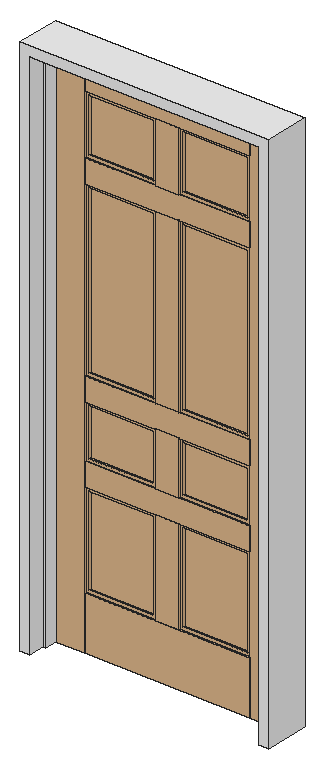
Revit family
Parameters (values of type "1 3/4" Flat Panel")
  URL = "http://www.karonadoor.com"
  Thickness Note = "Do not edit thickness."  # constant formula
  Thickness = 1.774"
  Swing Angle 2D = 90.00°
  SmartBIM Object Version = 1  # constant formula
  SmartBIM Object Created By = "Reed Construction Data"  # constant formula
  Rough Width = 0.000"
  Rough Height = 1.750"
  Panel = Panel_K3080_Karona : 1 3/4" - Flat Panel
  Model = "K3080 Mission"  # constant formula
  Manufacturer = "Karona , Inc."  # constant formula
  Detail Door Thickness = 1.750"
  Assembly Code = ""
  Top Rail Height = 5.000"
  Top Rail = Wood, Cherry - Grain Horizontal
  Stile Width = 5.063"
  Stile = Wood, Cherry - Grain Vertical
  Sticking = Wood, Cherry - Grain Vertical
  Middle Rail = Wood, Cherry - Grain Horizontal
  Height = 84.000"
  Wall Closure = (empty or 0)
  Width = 36.000"
  Frame = Metal
  Bottom Rail Height = 8.500"
  Bottom Rail = Wood, Cherry - Grain Horizontal
  95 CSI = "08210"  # constant formula
  04 CSI = "08 14 33"  # constant formula
Types (9): name | Thickness | Rough Height | Panel | Detail Door Thickness | Height
  1 3/4" Flat Panel | 1.774" | 1.750" | Panel_K3080_Karona : 1 3/4" - Flat Panel | 1.750" | 84.000"
  1 3/8" Flat Panel | 1.334" | 0.000" | Panel_K3080_Karona : 1 3/8" - Flat Panel | 1.375" | 80.000"
  2 1/4" Flat Panel | 2.250" | 0.000" | Panel_K3080_Karona : 2 1/4" - Flat Panel | 2.250" | 80.000"
  1 3/4" Glass Panel | 1.774" | 1.750" | Panel_K3080_Karona : 1 3/4" - Glass Panel | 1.750" | 80.000"
  1 3/8" Glass Panel | 1.334" | 0.000" | Panel_K3080_Karona : 1 3/8" - Glass Panel | 1.375" | 80.000"
  2 1/4" Glass Panel | 2.250" | 0.000" | Panel_K3080_Karona : 2 1/4" - Glass | 2.250" | 80.000"
  1 3/4" Raised Panel | 1.774" | 1.750" | Panel_K3080_Karona : 1 3/4" - Raised Panel | 1.750" | 80.000"
  1 3/8" Raised Panel | 1.334" | 0.000" | Panel_K3080_Karona : 1 3/8" - Raised Panel | 1.375" | 80.000"
  2 1/4" Raised Panel | 2.250" | 0.000" | Panel_K3080_Karona : 2 1/4" - Raised Panel | 2.250" | 80.000"
Reference planes (in)
  plane 1 "Center (Front/Back)": y = 0
  plane 2 "Center (Left/Right)": x = 0
  plane 3 "Left": x = -18
  plane 4 "Right": x = 18
  plane 5 "Top": z = 84
  plane 6 "Exterior Edge of Frame": y = 3.5
  plane 7 "Interior Edge of Frame": y = -3.5
  plane 8: y = 1
  plane 9: y = -1
  plane 10 "Opening Left": x = -19.5
  plane 11 "Opening Right": x = 19.5
  plane 12 "Top of Opening": z = 85.5
  plane 13: x = -17.5
Forms (in)
  Sweep 1, solid, material "Metal" <- "Frame"
    path origin (0, 0, 0) x (1, 0, 0) y (0, 0, 1)
      loop
        line (-19.5, 0) -> (-19.5, 85.5) -> (19.5, 85.5) -> (19.5, 0)
    profile origin (-19.5, 0, 42.75) x (-1, 0, 0) y (0, -1, 0)
      loop
        line (0, -3.5) -> (0, 3.5) -> (-1.5, 3.5) -> (-1.5, 1) -> (-2, 1) -> (-2, -1) -> (-1.5, -1) -> (-1.5, -3.5) -> (0, -3.5)
Lines and regions (in)
  Opening 1
    outline origin (-90, -3, 0) x (1, 0, 0) y (0, 0, 1)
      loop
        line (70.5, 0) -> (109.5, 0) -> (109.5, 85.5) -> (70.5, 85.5) -> (70.5, 0)
  symbolic lines, style "Elevation Swing"
    curve 1: line (18, 3, 0) -> (-18, 3, 42)
    curve 2: line (-18, 3, 42) -> (18, 3, 84)
Text (in)
  text "Exterior" at (-46.13199, 20.20143, 0), in view "Ref. Level"
  text "Interior" at (-46.13199, -10.56751, 0), in view "Ref. Level"
  text "Exterior" at (0, 40.15149, 123.01588), in view "Right"
  text "Interior" at (0, -64.39139, 123.01588), in view "Right"
  text "Interior" at (0, -31.01599, 123.00693), in view "Left"
  text "Exterior" at (0, 54.57065, 123.00693), in view "Left"
Dimensions and locks (in)
  "Height": level to plane 5 "Top"
  "Width": plane 3 "Left" to plane 4 "Right"
  equal spacing: host wall, curve 2, plane 5 "Top"
  locked: host wall to plane 7 "Interior Edge of Frame" at 0.5
  locked: plane 6 "Exterior Edge of Frame" to host wall at 0.5
  locked: plane 9 to plane 7 "Interior Edge of Frame" at 2.5
  locked: plane 6 "Exterior Edge of Frame" to plane 8 at 2.5
  equal spacing: plane 3 "Left", plane 2 "Center (Left/Right)", plane 4 "Right"
  locked: plane 4 "Right" to plane 11 "Opening Right" at 1.5
  locked: plane 5 "Top" to plane 12 "Top of Opening" at 1.5
  locked: plane 3 "Left" to plane 13 at 0.5
  locked: plane 10 "Opening Left" to plane 3 "Left" at 1.5
  aligned and locked: Opening 1 sketch curve to level
  aligned and locked: plane 4 "Right" to curve 1
  aligned and locked: plane 3 "Left" to curve 1
  aligned and locked: plane 5 "Top" to curve 2
  aligned and locked: Opening 1 sketch curve to plane 11 "Opening Right"
  aligned and locked: plane 12 "Top of Opening" to Opening 1 sketch curve
  aligned and locked: Opening 1 sketch curve to plane 10 "Opening Left"
  aligned and locked: plane 10 "Opening Left" to Sweep 1 sketch curve
  aligned and locked: plane 12 "Top of Opening" to Sweep 1 sketch curve
  aligned and locked: plane 11 "Opening Right" to Sweep 1 sketch curve
  aligned and locked: level to Sweep 1 sketch curve  (x2)
  aligned and locked: Sweep 1 sketch curve to plane 10 "Opening Left"
  aligned and locked: Sweep 1 sketch curve to plane 6 "Exterior Edge of Frame"
  aligned and locked: Sweep 1 sketch curve to plane 7 "Interior Edge of Frame"
  aligned and locked: Sweep 1 sketch curve to plane 8
  aligned and locked: Sweep 1 sketch curve to plane 9
  aligned and locked: plane 13 to Sweep 1 sketch curve
  aligned and locked: plane 3 "Left" to Sweep 1 sketch curve  (x2)
  aligned and locked: nested 1 to plane 2 "Center (Left/Right)"
  aligned and locked: nested 1 to plane 8
  aligned and locked: nested 2 to plane 3 "Left"
  aligned and locked: nested 2 to plane 8
Automatic sketch dimensions
  curve 1 to level = 0.000"
  curve 2 to plane 4 "Right" = 0.000"
Nested families (in)
  nested 1: "Panel_K3080_Karona" at (-13.5, 0.6575, 0) x (-1, 0, 0) z (0, 0, 1), type <- "Panel", type "1 3/4" - Flat Panel"
  nested 2: "Door Panel Plan View" at (-31.5, 1, 0) x (-1, 0, 0) z (0, 0, 1), type "Door Panel Plan View"
    with Thickness 1.750", Height 84.000"
Definition of nested family "Panel_K3080_Karona"
  Parameters (values of type "1 3/4" - Raised Panel")
    Width = 36.000"
    Upper Middle Panel Height = Height - (3 * Mullion Width + Top Rail Height + Top Panel Height + Lower Middle Panel + Panel Height + Bottom Rail Height)  # 27.000"
    Top Rail Material = Wood, Cherry - Grain Horizontal
    Top Rail Height = 5.000"
    Top Panel Offset = Top Rail Height + Half Panel Height  # 12.4375"
    Top Panel Height = 9.375"  # constant formula
    Thickness Note = "Do not change door thickness"  # constant formula
    Thickness = 1.774"
    Stile Width = 5.063"
    Stile Material = Wood, Cherry - Grain Vertical
    Sticking Material = Wood, Cherry - Grain Vertical
    Panel Width = (Width - (2 * Stile Width) - (1 * Mullion Width)) / 2  # 11.1245"
    Panel Height = Lock Rail Height - (Mullion Width + Bottom Rail Height)  # 14.875"
    Panel = Glass-Sticking-Assembly-Mission_Karona : Raised Panel
    Mullion Width = 3.625"  # constant formula
    Middle Panel Height = Height - (2 * Panel Height + Top Rail Height + Bottom Rail Height + Mullion Width + Mullion Width)  # 33.500"
    Lower Middle Panel = 8.375"  # constant formula
    Lock Rail Height = 27.000"
    Interior Panel = Wood, Cherry - Grain Vertical
    Height = 84.000"
    Half Panel Width = 0.5 * Panel Width  # 5.56225"
    Half Panel Height = 0.5 * Panel Height  # 7.4375"
    Exterior Edge - Glass Bottom Offset = if(Thickness = 1.774", 0.567", if(Thickness = 2.250", 0.803", 0.469"))  # 0.567"
    Door Panel Material = Wood, Cherry - Grain Vertical
    Default Elevation = 0.000"  # constant formula
    Cross Rail and Panel Spacing Start = Half Panel Height + 0.5 * (3.625")  # 9.250"
    Cross Rail Panel Height = Panel Height + 3.625"  # 18.500"
    Bottom Rail Material = Wood, Cherry - Grain Horizontal
    Bottom Rail Height = 8.500"
    Assembly Code = ""
  Types (9): name | Thickness | Panel | Interior Panel | Exterior Edge - Glass Bottom Offset
    2 1/4" - Flat Panel | 2.250" | Glass-Sticking-Assembly-Mission_Karona : Flat Panel | Wood, Cherry - Grain Vertical | 0.803"
    2 1/4" - Glass | 2.250" | Glass-Sticking-Assembly-Mission_Karona : Glass Panel | Glass | 0.803"
    2 1/4" - Raised Panel | 2.250" | Glass-Sticking-Assembly-Mission_Karona : Raised Panel | Wood, Cherry - Grain Vertical | 0.803"
    1 3/4" - Raised Panel | 1.774" | Glass-Sticking-Assembly-Mission_Karona : Raised Panel | Wood, Cherry - Grain Vertical | 0.567"
    1 3/4" - Flat Panel | 1.774" | Glass-Sticking-Assembly-Mission_Karona : Flat Panel | Wood, Cherry - Grain Vertical | 0.567"
    1 3/4" - Glass Panel | 1.774" | Glass-Sticking-Assembly-Mission_Karona : Glass Panel | Glass | 0.567"
    1 3/8" - Raised Panel | 1.334" | Glass-Sticking-Assembly-Mission_Karona : Raised Panel | Wood, Cherry - Grain Vertical | 0.469"
    1 3/8" - Glass Panel | 1.334" | Glass-Sticking-Assembly-Mission_Karona : Glass Panel | Glass | 0.469"
    1 3/8" - Flat Panel | 1.334" | Glass-Sticking-Assembly-Mission_Karona : Flat Panel | Wood, Cherry - Grain Horizontal | 0.469"
  Reference planes (in)
    plane 1 "Center (Front/Back)": y = 1.2295
    plane 2: z = 0
    plane 3 "Center (Left/Right)": x = -13.5
    plane 4 "Left": x = -31.5
    plane 5: x = 4.5
    plane 6 "Inner Left": x = -26.437
    plane 7 "Inner Right": x = -0.563
    plane 8: z = 8.5
    plane 9 "Bottom Of Top Rail": z = 79
    plane 10 "Top": z = 84
    plane 11 "Interior Edge of Door": y = 2.1165
    plane 12: z = 79
    plane 13 "Exterior Edge of Door": y = 0.3425
    plane 14 "Bottom of Glass": y = 0.9095
    plane 15 "Left Panel Vertical Midline": x = -20.87475
    plane 16 "Right Panel Vertical Midline": x = -6.12525
    plane 17 "Center of Left Vertical Mullion": x = -17.18738
    plane 18 "Center of Right Vertical Mullion": x = -9.81263
    plane 19: z = 69.625
    plane 20: z = 23.375
    plane 21: z = 66
    plane 22: z = 74.3125
    plane 23: z = 15.9375
    plane 24: z = 27
    plane 25: z = 39
    plane 26: z = 35.375
    plane 27: z = 37.1875
    plane 28: z = 52.5
    plane 29: x = -15.3125
    plane 30: x = -8.64583
    plane 31: x = -11.6875
  Forms (in)
    Extrusion 1, solid, material "Wood, Cherry - Grain Horizontal" <- "Bottom Rail Material"
      sketch origin (0, -101.3125, 0) x (1, 0, 0) y (0, 0, 1)
        loop
          line (-26.437, 0) -> (-0.563, 0) -> (-0.563, 8.5) -> (-26.437, 8.5) -> (-26.437, 0)
      from -103.429 to -101.655
    Extrusion 2, solid, material "Wood, Cherry - Grain Vertical" <- "Stile Material"
      sketch origin (0, 1.2295, 0) x (1, 0, 0) y (0, 0, 1)
        loop
          line (-31.5, 84) -> (-31.5, 0) -> (-26.437, 0) -> (-26.437, 84) -> (-31.5, 84)
        loop
          line (-0.563, 0) -> (4.5, 0) -> (4.5, 84) -> (-0.563, 84) -> (-0.563, 0)
      from -0.887 to 0.887
    Extrusion 3, solid, material "Wood, Cherry - Grain Horizontal" <- "Top Rail Material"
      sketch origin (0, 1.2295, 0) x (1, 0, 0) y (0, 0, 1)
        loop
          line (-26.437, 84) -> (-26.437, 79) -> (-0.563, 79) -> (-0.563, 84) -> (-26.437, 84)
      from -0.887 to 0.887
    Extrusion 4, solid, material "Wood, Cherry - Grain Horizontal" <- "Top Rail Material"
      sketch origin (0, 1.2295, 0) x (1, 0, 0) y (0, 0, 1)
        loop
          line (-0.563, 66) -> (-0.563, 69.626) -> (-26.437, 69.626) -> (-26.437, 66) -> (-0.563, 66)
        loop
          line (-26.437, 23.375) -> (-0.563, 23.375) -> (-0.563, 27) -> (-26.437, 27) -> (-26.437, 23.375)
        loop
          line (-26.437, 39) -> (-26.437, 35.375) -> (-0.563, 35.375) -> (-0.563, 39) -> (-26.437, 39)
      from -0.887 to 0.887
    Extrusion 5, solid, material "Wood, Cherry - Grain Vertical" <- "Door Panel Material"
      sketch origin (0, 0.3425, 0) x (1, 0, 0) y (0, 0, 1)
        loop
          line (-15.3125, 79) -> (-15.3125, 69.625) -> (-11.6875, 69.625) -> (-11.6875, 79) -> (-15.3125, 79)
        loop
          line (-15.3125, 66) -> (-15.3125, 39) -> (-11.6875, 39) -> (-11.6875, 66) -> (-15.3125, 66)
        loop
          line (-15.3125, 35.375) -> (-15.3125, 27) -> (-11.6875, 27) -> (-11.6875, 35.375) -> (-15.3125, 35.375)
        loop
          line (-15.3125, 23.375) -> (-15.3125, 8.5) -> (-11.6875, 8.5) -> (-11.6875, 23.375) -> (-15.3125, 23.375)
      from -1.774 to 0
  Text (in)
    text "EXTERIOR" at (-34.59289, -1.27941, 0), in view "Ref. Level"
    text "EXTERIOR" at (0, -9.65287, 72.76687), in view "Left"
    text "EXTERIOR" at (0, -33.33473, 96.68074), in view "Right"
  Dimensions and locks (in)
    equal spacing: plane 4 "Left", plane 3 "Center (Left/Right)", plane 5
    "Width": plane 4 "Left" to plane 5
    "Stile Width": plane 4 "Left" to plane 6 "Inner Left"
    "Stile Width": plane 5 to plane 7 "Inner Right"
    "Bottom Rail Height": plane 8 to plane 2
    "Top Rail Height": plane 10 "Top" to plane 9 "Bottom Of Top Rail"
    "Height": plane 10 "Top" to plane 2
    equal spacing: plane 11 "Interior Edge of Door", plane 1 "Center (Front/Back)", plane 13 "Exterior Edge of Door"
    "Thickness": plane 11 "Interior Edge of Door" to plane 13 "Exterior Edge of Door"
    "Exterior Edge - Glass Bottom Offset": plane 14 "Bottom of Glass" to plane 13 "Exterior Edge of Door"
    "Exterior Edge - Glass Bottom Offset": plane 13 "Exterior Edge of Door" to plane 14 "Bottom of Glass"
    "Half Panel Width": plane 15 "Left Panel Vertical Midline" to plane 6 "Inner Left"
    "Half Panel Width": plane 7 "Inner Right" to plane 16 "Right Panel Vertical Midline"
    equal spacing: plane 3 "Center (Left/Right)", plane 17 "Center of Left Vertical Mullion", plane 15 "Left Panel Vertical Midline"
    equal spacing: plane 16 "Right Panel Vertical Midline", plane 18 "Center of Right Vertical Mullion", plane 3 "Center (Left/Right)"
    Extrusion 4 sketch curve to Extrusion 4 sketch curve = 3.626"
    locked: Extrusion 4 sketch curve to Extrusion 4 sketch curve at 3.626
    equal spacing: plane 20, plane 23, plane 8
    equal spacing: plane 12, plane 22, plane 19
    "Mullion Width": plane 24 to plane 20
    "Mullion Width": plane 19 to plane 21
    "Mullion Width": plane 25 to plane 26
    equal spacing: plane 25, plane 27, plane 26
    equal spacing: plane 21, plane 28, plane 25
    "Panel Width": plane 29 to plane 6 "Inner Left"
    "Panel Width": plane 7 "Inner Right" to plane 31
    "Top Panel Height": plane 12 to plane 19
    "Lower Middle Panel": plane 26 to plane 24
    "Lock Rail Height": plane 24 to level
    aligned and locked: Extrusion 1 to plane 2
    aligned and locked: plane 11 "Interior Edge of Door" to Extrusion 1
    aligned and locked: plane 4 "Left" to Extrusion 2 sketch curve
    aligned and locked: Extrusion 2 sketch curve to plane 10 "Top"
    aligned and locked: Extrusion 2 sketch curve to Extrusion 1  (x3)
    aligned and locked: Extrusion 1 to Extrusion 2 sketch curve
    aligned and locked: plane 10 "Top" to Extrusion 2 sketch curve
    aligned and locked: plane 5 to Extrusion 2 sketch curve
    aligned and locked: plane 11 "Interior Edge of Door" to Extrusion 2
    aligned and locked: Extrusion 2 to Extrusion 3 sketch curve
    aligned and locked: Extrusion 3 sketch curve to Extrusion 2
    aligned and locked: plane 11 "Interior Edge of Door" to Extrusion 3
    aligned and locked: plane 12 to plane 9 "Bottom Of Top Rail"
    aligned and locked: Extrusion 3 to plane 13 "Exterior Edge of Door"
    aligned and locked: Extrusion 3 to plane 11 "Interior Edge of Door"
    aligned and locked: Extrusion 2 to plane 13 "Exterior Edge of Door"
    aligned and locked: Extrusion 3 to plane 12
    aligned and locked: Extrusion 1 to Extrusion 2
    aligned and locked: nested 1 to plane 1 "Center (Front/Back)"
    aligned and locked: plane 15 "Left Panel Vertical Midline" to nested 1
    aligned and locked: nested 2 to plane 8
    aligned and locked: nested 2 to plane 15 "Left Panel Vertical Midline"
    aligned and locked: plane 16 "Right Panel Vertical Midline" to nested 3
    aligned and locked: nested 4 to plane 8
    aligned and locked: nested 4 to plane 16 "Right Panel Vertical Midline"
    aligned and locked: plane 22 to nested 1
    aligned and locked: plane 22 to nested 3
    aligned and locked: plane 15 "Left Panel Vertical Midline" to nested 6
    aligned and locked: nested 7 to plane 24
    aligned and locked: nested 8 to plane 24
    aligned and locked: plane 15 "Left Panel Vertical Midline" to nested 7
    aligned and locked: plane 16 "Right Panel Vertical Midline" to nested 8
    aligned and locked: plane 16 "Right Panel Vertical Midline" to nested 5
    aligned and locked: level to plane 2
    aligned and locked: plane 28 to nested 5
    aligned and locked: plane 28 to nested 6
    aligned and locked: Extrusion 4 to plane 26
    aligned and locked: Extrusion 4 sketch curve to plane 7 "Inner Right"  (x2)
    aligned and locked: plane 7 "Inner Right" to Extrusion 4 sketch curve
    aligned and locked: plane 6 "Inner Left" to Extrusion 4 sketch curve  (x2)
    aligned and locked: Extrusion 4 sketch curve to plane 6 "Inner Left"
    aligned and locked: Extrusion 4 to plane 21
    aligned and locked: Extrusion 4 to plane 20
    aligned and locked: plane 24 to Extrusion 4
    aligned and locked: plane 29 to Extrusion 5 sketch curve  (x4)
    aligned and locked: Extrusion 5 sketch curve to plane 12
    aligned and locked: plane 31 to Extrusion 5 sketch curve  (x4)
    aligned and locked: plane 19 to Extrusion 5 sketch curve
    aligned and locked: Extrusion 5 sketch curve to plane 21
    aligned and locked: plane 25 to Extrusion 5 sketch curve
    aligned and locked: Extrusion 5 sketch curve to plane 26
    aligned and locked: Extrusion 5 sketch curve to plane 20
    aligned and locked: plane 8 to Extrusion 5 sketch curve
    aligned and locked: plane 11 "Interior Edge of Door" to Extrusion 5
    aligned and locked: Extrusion 5 to plane 13 "Exterior Edge of Door"
    aligned and locked: plane 11 "Interior Edge of Door" to Extrusion 4
    aligned and locked: Extrusion 4 to plane 13 "Exterior Edge of Door"
  Automatic sketch dimensions
    Extrusion 1 sketch curve to plane 6 "Inner Left" = 0.000"
    Extrusion 1 sketch curve to plane 7 "Inner Right" = 0.000"
    Extrusion 1 sketch curve to level = 0.000"
    Extrusion 1 sketch curve to plane 8 = 0.000"
    Extrusion 3 sketch curve to plane 7 "Inner Right" = 0.000"
    plane 9 "Bottom Of Top Rail" to Extrusion 3 sketch curve = 0.000"
    plane 21 to Extrusion 4 sketch curve = 0.000"
    plane 25 to Extrusion 4 sketch curve = 0.000"
    Extrusion 4 sketch curve to plane 25 = 3.625"
    Extrusion 4 sketch curve to plane 24 = 3.625"
    Extrusion 4 sketch curve to plane 24 = 0.000"
    Extrusion 5 sketch curve to Extrusion 5 sketch curve = 3.625"
  Nested families (in)
    nested 1: "Glass-Sticking-Assembly-Mission_Karona" at (-21.3435, 1.38, 69.625), Width <- "Panel Width", Height <- "Top Panel Height", type <- "Panel", type "Raised Panel"
      with Width 11.1245", Height 9.375", Door Thickness 1.774", C 0.200", B 0.567", A 0.197"
    nested 2: "Glass-Sticking-Assembly-Mission_Karona" at (-21.3435, 1.382, 8.5), Width <- "Panel Width", Height <- "Panel Height", type <- "Panel", type "Raised Panel"
      with Width 11.1245", Height 14.875", Door Thickness 1.774", C 0.200", B 0.567", A 0.197"
    nested 3: "Glass-Sticking-Assembly-Mission_Karona" at (-6.594, 1.382, 69.625), Width <- "Panel Width", Height <- "Top Panel Height", type <- "Panel", type "Raised Panel"
      with Width 11.1245", Height 9.375", Door Thickness 1.774", C 0.200", B 0.567", A 0.197"
    nested 4: "Glass-Sticking-Assembly-Mission_Karona" at (-6.594, 1.382, 8.5), Width <- "Panel Width", Height <- "Panel Height", type <- "Panel", type "Raised Panel"
      with Width 11.1245", Height 14.875", Door Thickness 1.774", C 0.200", B 0.567", A 0.197"
    nested 5: "Glass-Sticking-Assembly-Mission_Karona" at (-6.594, 1.382, 39), Width <- "Panel Width", Height <- "Upper Middle Panel Height", type <- "Panel", type "Raised Panel"
      with Width 11.1245", Height 27.000", Door Thickness 1.774", C 0.200", B 0.567", A 0.197"
    nested 6: "Glass-Sticking-Assembly-Mission_Karona" at (-21.3435, 1.382, 39), Width <- "Panel Width", Height <- "Upper Middle Panel Height", type <- "Panel", type "Raised Panel"
      with Width 11.1245", Height 27.000", Door Thickness 1.774", C 0.200", B 0.567", A 0.197"
    nested 7: "Glass-Sticking-Assembly-Mission_Karona" at (-21.3435, 1.382, 27), Width <- "Panel Width", Height <- "Lower Middle Panel", type <- "Panel", type "Raised Panel"
      with Width 11.1245", Height 8.375", Door Thickness 1.774", C 0.200", B 0.567", A 0.197"
    nested 8: "Glass-Sticking-Assembly-Mission_Karona" at (-6.594, 1.382, 27), Width <- "Panel Width", Height <- "Lower Middle Panel", type <- "Panel", type "Raised Panel"
      with Width 11.1245", Height 8.375", Door Thickness 1.774", C 0.200", B 0.567", A 0.197"
  Definition of nested family "Glass-Sticking-Assembly-Mission_Karona"
    Parameters (values of type "Glass Panel")
      Width [instance] = 19.000"
      Stop Adjustment = if(and(not(Glass Panel), Door Thickness = 1.774"), 0.513", if(and(not(Glass Panel), Door Thickness = 2.250"), 0.513", if((Glass Panel), 0.125", 0.273")))  # 0.125"
      Profile = Wood, Cherry - Grain Vertical
      Height [instance] = 23.000"
      Raised Panel = no
      Interior Panel = Wood, Cherry - Grain Vertical
      Glass Panel = yes
      Door Thickness = 2.250"
      C = if(Door Thickness = 1.774", 0.200", if(Door Thickness = 2.250", 0.439", 0.191"))  # 0.439"
      B = if(Door Thickness = 1.774", 0.567", if(Door Thickness = 2.250", 0.803", 0.469"))  # 0.803"
      Assembly Code = ""
      A = if(Door Thickness = 1.774", 0.197", if(Door Thickness = 2.250", 0.433", 0.194"))  # 0.433"
    Types (3): name | Width | Stop Adjustment | Height | Raised Panel | Glass Panel | Door Thickness | C | B | A
      Glass Panel | 19.000" | 0.125" | 23.000" | no | yes | 2.250" | 0.439" | 0.803" | 0.433"
      Flat Panel | 4.500" | 0.273" | 23.000" | no | no | 1.334" | 0.191" | 0.469" | 0.194"
      Raised Panel | 4.000" | 0.513" | 4.000" | yes | no | 2.250" | 0.439" | 0.803" | 0.433"
    Reference planes (in)
      plane 1 "Stop Adjustment Edge": y = -0.3455
      plane 2: z = 0
      plane 3 "Center (Left/Right)": x = 0.46875
      plane 4 "Back": y = 0.9765
      plane 5 "Front": y = -1.2735
      plane 6 "Left": x = -9.03125
      plane 7 "Right": x = 9.96875
      plane 8 "Top": z = 23
      plane 9 "Center (Up/Down)": z = 11.5
      plane 10 "Bottom of Stop": y = -0.2205
      plane 11 "Bottom of Glass": y = -0.4705
      plane 12 "Right Edge of Glass": x = 9.91875
      plane 13 "Left Edge of Glass": x = -8.98125
      plane 14 "Top Edge of Glass": z = 22.90625
      plane 15 "Bottom Edge of Glass": z = 0.09375
      plane 16: x = 9.84375
      plane 17: x = 9.40625
      plane 18 "A": y = -0.8405
      plane 19 "C": y = 0.5375
      plane 20: z = 0.438
      plane 21: z = 22.562
      plane 22: x = -8.59325
      plane 23: x = 9.53075
      plane 24 "Center (Front/Back)": y = -0.1485
    Forms (in)
      Sweep 1, solid, material "Wood, Cherry - Grain Vertical" <- "Profile"
        path origin (0, -0.3455, 0) x (1, 0, 0) y (0, 0, 1)
          loop
            line (9.96875, 23) -> (-9.03125, 23) -> (-9.03125, 0) -> (9.96875, 0) -> (9.96875, 23)
        profile origin (9.96875, -0.3455, 11.5) x (0, -1, 0) y (1, 0, 0)
          loop
            line (-0.883, 0) -> (-0.883, -0.438) -> (-0.125, -0.438) -> (-0.125, -0.05) -> (0.125, -0.05) -> (0.125, -0.438) -> (0.495, -0.438) -> (0.495, 0) -> (-0.883, 0)
      Extrusion 2, solid, material "Wood, Cherry - Grain Vertical" <- "Interior Panel"
        sketch origin (0, 0, 0) x (1, 0, 0) y (0, 1, 0)
          loop
            line (-8.98125, -0.2205) -> (-8.98125, -0.4705) -> (9.91875, -0.4705) -> (9.91875, -0.2205) -> (-8.98125, -0.2205)
        from 0.09375 to 22.90625
      Extrusion 3, solid, material "Wood, Cherry - Grain Vertical" <- "Profile", visible <- "Raised Panel"
        sketch origin (0, 0, 0) x (1, 0, 0) y (0, 1, 0)
          loop
            line (9.53075, 0.5375) -> (-8.59325, 0.5375) -> (-8.59325, -0.2205) -> (9.53075, -0.2205) -> (9.53075, 0.5375)
          loop
            line (-8.59325, -0.4705) -> (-8.59325, -0.8405) -> (9.53075, -0.8405) -> (9.53075, -0.4705) -> (-8.59325, -0.4705)
        from 0.438 to 22.562
      Sweep 4, void
        path origin (0, -0.2205, 0) x (-1, 0, 0) y (0, 0, 1)
          loop
            line (9.03125, 0) -> (9.03125, 23) -> (-9.96875, 23) -> (-9.96875, 0) -> (9.03125, 0)
        profile "Profile : 05" origin (-9.03125, -0.2205, 11.5) x (1, 0, 0) y (0, 1, 0)
          loop
            line (0, 0.05) -> (0.36169, 0.05096)
            arc (0.36169, 0.05096) -> (1.01257, 0.13642) -> (1.61934, 0.387) r 2.52143
            line (1.61934, 0.387) -> (0, 0.387) -> (0, 0.05)
      Sweep 5, void
        path origin (0, -0.4705, 0) x (-1, 0, 0) y (0, 0, 1)
          loop
            line (-9.96875, 23) -> (-9.96875, 0) -> (9.03125, 0) -> (9.03125, 23) -> (-9.96875, 23)
        profile "Profile : 05" origin (9.96875, -0.4705, 11.5) x (-1, 0, 0) y (0, 1, 0)
          loop
            line (0, -0.05) -> (0, -0.387) -> (1.61934, -0.387)
            arc (1.61934, -0.387) -> (1.01257, -0.13642) -> (0.36169, -0.05096) r 2.52143
            line (0.36169, -0.05096) -> (0, -0.05)
    Cuts and joins
      Sweep 4, Sweep 5 cuts Extrusion 3
    Text (in)
      text "INTERIOR" at (-14.3788, 3.49864, 0), in view "Ref. Level"
    Dimensions and locks (in)
      equal spacing: plane 6 "Left", plane 3 "Center (Left/Right)", plane 7 "Right"
      "Width": plane 6 "Left" to plane 7 "Right"
      "Door Thickness": plane 4 "Back" to plane 5 "Front"
      "Height": plane 8 "Top" to plane 2
      equal spacing: plane 8 "Top", plane 9 "Center (Up/Down)", level
      locked: plane 1 "Stop Adjustment Edge" to plane 11 "Bottom of Glass" at 0.125
      "Stop Adjustment": plane 10 "Bottom of Stop" to plane 1 "Stop Adjustment Edge"
      locked: plane 12 "Right Edge of Glass" to plane 7 "Right" at 0.05
      locked: plane 8 "Top" to plane 14 "Top Edge of Glass" at 0.09375
      locked: plane 15 "Bottom Edge of Glass" to level at 0.09375
      locked: plane 6 "Left" to plane 13 "Left Edge of Glass" at 0.05
      "B": plane 5 "Front" to plane 11 "Bottom of Glass"
      locked: plane 16 to plane 7 "Right" at 0.125
      "A": plane 5 "Front" to plane 18 "A"
      "C": plane 19 "C" to plane 4 "Back"
      plane 4 "Back" to Sweep 1 = 1.197"
      locked: plane 20 to level at 0.438
      locked: plane 8 "Top" to plane 21 at 0.438
      locked: plane 6 "Left" to plane 22 at 0.438
      locked: plane 23 to plane 7 "Right" at 0.438
      equal spacing: plane 4 "Back", plane 24 "Center (Front/Back)", plane 5 "Front"
      aligned and locked: Sweep 1 sketch curve to plane 7 "Right"
      aligned and locked: Sweep 1 sketch curve to plane 8 "Top"
      aligned and locked: Sweep 1 sketch curve to plane 6 "Left"
      aligned and locked: Sweep 1 sketch curve to level
      aligned and locked: plane 7 "Right" to Sweep 1 sketch curve
      aligned and locked: plane 10 "Bottom of Stop" to Sweep 1 sketch curve
      aligned and locked: plane 11 "Bottom of Glass" to Sweep 1 sketch curve
      aligned and locked: plane 18 "A" to Sweep 1 sketch curve
      aligned and locked: Sweep 1 sketch curve to plane 19 "C"
      aligned and locked: Extrusion 2 sketch curve to plane 13 "Left Edge of Glass"
      aligned and locked: Extrusion 2 sketch curve to plane 10 "Bottom of Stop"
      aligned and locked: Extrusion 2 sketch curve to plane 11 "Bottom of Glass"
      aligned and locked: Extrusion 2 sketch curve to plane 12 "Right Edge of Glass"
      aligned and locked: plane 14 "Top Edge of Glass" to Extrusion 2
      aligned and locked: Extrusion 2 to plane 15 "Bottom Edge of Glass"
      aligned and locked: Extrusion 3 sketch curve to plane 19 "C"
      aligned and locked: Extrusion 3 sketch curve to plane 10 "Bottom of Stop"
      aligned and locked: Extrusion 3 sketch curve to plane 11 "Bottom of Glass"
      aligned and locked: Extrusion 3 sketch curve to plane 18 "A"
      aligned and locked: Extrusion 3 to plane 20
      aligned and locked: Extrusion 3 to plane 21
      aligned and locked: plane 12 "Right Edge of Glass" to Sweep 1 sketch curve
      aligned and locked: plane 23 to Extrusion 3 sketch curve  (x2)
      aligned and locked: Extrusion 3 sketch curve to plane 22  (x2)
      aligned and locked: plane 23 to Sweep 1 sketch curve  (x2)
      aligned and locked: Sweep 5 sketch curve to plane 6 "Left"
      aligned and locked: plane 8 "Top" to Sweep 5 sketch curve
      aligned and locked: Sweep 5 sketch curve to plane 7 "Right"
      aligned and locked: level to Sweep 5 sketch curve
      aligned and locked: Sweep 4 sketch curve to plane 7 "Right"
      aligned and locked: plane 8 "Top" to Sweep 4 sketch curve
      aligned and locked: Sweep 4 sketch curve to plane 6 "Left"
      aligned and locked: level to Sweep 4 sketch curve
Definition of nested family "Door Panel Plan View"
  Parameters (values of type "Door Panel Plan View")
    Width = 36.000"
    Thickness = 2.000"
    Swing Angle 2D = 90.00°
    Height = 0.000"
    Assembly Code = ""
  Reference planes (in)
    plane 1 "Center (Front/Back)": y = 0
    plane 2: z = 0
    plane 3 "Center (Left/Right)": x = -13.5
  Lines and regions (in)
    symbolic lines, style "DoorsPanelProjection"
      curve 1: line (-13.5, 0, 0) -> (-13.5, 36, 0)
      curve 2: line (-15.5, 0, 0) -> (-15.5, 36, 0)
      curve 3: line (-13.5, 0, 0) -> (-15.5, 0, 0)
      curve 4: line (-13.5, 36, 0) -> (-15.5, 36, 0)
    symbolic lines, style "Plan Swing"
      curve 5: arc (-13.5, 36, 0) -> (-38.95584, 25.45584, 0) -> (-49.5, 0, 0) r 36
  Dimensions and locks (in)
    "Width": curve 4 to curve 3
    "Thickness": curve 1 to curve 2
    "Swing Angle 2D": angle curve 1 to plane 1 "Center (Front/Back)"
    aligned and locked: plane 1 "Center (Front/Back)" to curve 5
  Automatic sketch dimensions
    curve 3 to plane 1 "Center (Front/Back)" = 0.000"
    curve 5 to plane 3 "Center (Left/Right)" = 0.000"
    curve 3 to plane 3 "Center (Left/Right)" = 0.000"
